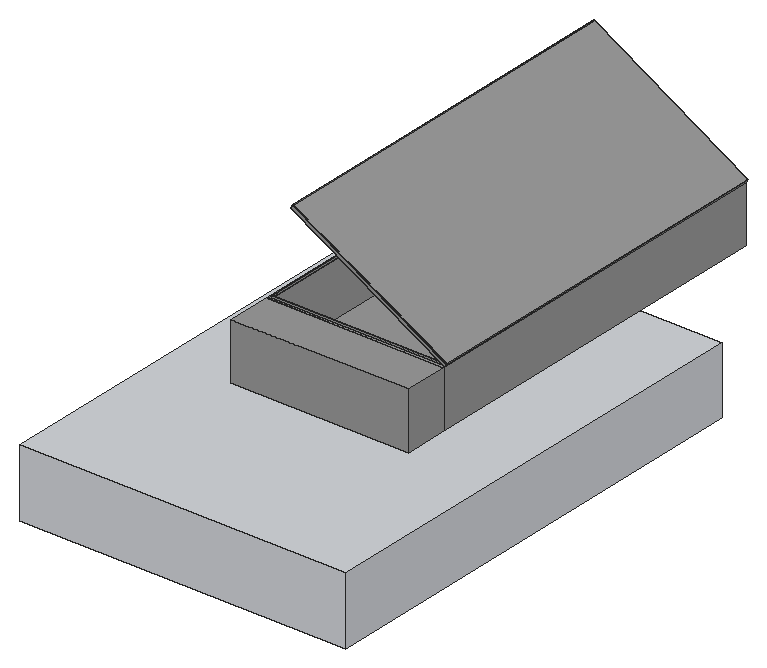
Revit family "Hager-Univers-IP55-D275-H1900-Cl.I-Steel_encl-NoHosted-AT-de", category Equipement électrique, Revit 2020
Family settings
  Hôte = Face
  Configuration du panneau = Deux colonnes, circuits au sein
  Cote de connecteur circulaire = Utiliser le diamètre
  Type d'élément = Tableau de raccordement
  Couper avec des vides une fois chargée = Non
  Partagée = Non
  Point de calcul de pièce = Non
Parameters (values of type "Bodenaufstellung IP55 B800 H1900 T275  - FR13E2")
  Width Control [instance] = if([EF000008 - Breite] > Min Width, [EF000008 - Breite], Min Width)  # 800 mm
  Commentaires du type = [HG000003 - Bereich]  # "Univers"
  Thickness Door [instance] = if([EF009171 - Materialstärke Tür/Deckel] > 3 mm, 3 mm, [EF009171 - Materialstärke Tür/Deckel])  # 1.5 mm
  Seal Frame Offset [instance] = 17 mm  # constant formula
  Plinth Visibility [instance] = [HG000027 - Sockelhöhe] > 0 mm  # yes
  Model = ""
  Min Width [instance] = 100 mm  # constant formula
  Min Height [instance] = 100 mm  # constant formula
  Min Depth [instance] = (2 * [EF009170 - Materialstärke Gehäuse]) + 1 mm  # 4 mm
  Internal Frame Depth [instance] = (Door System Depth * 0.5)  # 9 mm
  Height Control [instance] = if([EF000040 - Höhe] > Min Height, [EF000040 - Höhe], Min Height)  # 1900 mm
  HG000027 - Sockelhöhe = 200 mm
  HG000026 - Stehend auf dem Boden = yes
  HG000024 - Höhe des unteren Teils = 800 mm
  HG000023 - Gehäuse mit doppeltem Querschnitt = no
  HG000016 - 3D-Türsichtbarkeit [instance] = yes
  HG000015 - Sichtbarkeit der Türöffnung [instance] = no
  HG000014 - Tür rechts [instance] = yes
  HG000013 - Tür links [instance] = not([HG000014 - Tür rechts])  # no
  HG000012 - Türschwenkwinkel [instance] = 30.00°
  HG000010 - Asymmetrische Türen = no
  HG000009 - Doppelflügeligen Tür = no
  HG000006 - Unterputz = no
  HG000004 - Herstellerreferenz = "FR13E2"
  HG000003 - Bereich = "Univers"
  HG000002 - Mit tür = yes
  Frame Offset Bottom [instance] = 10 mm  # constant formula
  Frame Offset [instance] = 15 mm  # constant formula
  EF015940 - Deckel mit Überdruckentlastung = no
  EF011959 - Schutzart (NEMA) = ""
  EF009554 - Anzahl der Öffnungen für Flanschplatten = 6
  Fabricant = "Hager"  # constant formula
  EF009212 - Ausführung Deckel = "EV000116 - geschlossen"
  EF009171 - Materialstärke Tür/Deckel = 1.5 mm
  EF009170 - Materialstärke Gehäuse = 1.5 mm
  EF008873 - Nennstrom (In) = 800 A
  EF007800 - Geeignet für Blitzschutz = no
  EF006306 - Mit Schloss = no
  EF006244 - Transparenter Deckel/Tür = no
  EF005474 - Schutzart (IP) = "EV006420 - IP55"
  EF004464 - Art der Tür = "EV002646 - Einzel"
  EF004427 - Anzahl der Module = 396
  EF004293 - Schlagfestigkeit = "EV008784 - IK10"
  EF003532 - Geeignet für Außengebrauch = no
  EF002950 - Breite in Teilungseinheiten = 24
  EF001613 - Funktionserhalt = "EV000494 - ohne"
  EF001596 - Werkstoff des Gehäuses = "EV000179 - Stahl"
  EF001131 - Innentiefe = 275 mm
  EF001088 - Anbaumöglichkeit = yes
  EF000437 - Anzahl der Leitungseinführungen = 6
  EF000339 - Art der Abdeckung = "EV004216 - Tür"
  EF000266 - Anzahl der Reihen = 11
  EF000218 - Einbautiefe = 0 mm
  EF000118 - Mit Montageplatte = no
  EF000116 - RAL-Nummer = "7035"
  EF000049 - Tiefe = 275 mm
  EF000040 - Höhe = 1900 mm
  EF000008 - Breite = 800 mm
  EF000007 - Farbe = "EV000270 - grau"
  EF000003 - Montageart = "EV012274 - Bodenaufstellung"
  Door System Leaf Tolerance [instance] = 1.5 mm  # constant formula
  Door System Depth [instance] = 18 mm  # constant formula
  Door Height [instance] = Height Control - [HG000027 - Sockelhöhe]  # 1700 mm
  Depth Control [instance] = if([EF000049 - Tiefe] > Min Depth, [EF000049 - Tiefe], Min Depth)  # 275 mm
  Default Elevation = 0 mm
  Connector Offset [instance] = Height Control / 2  # 950 mm
  Bottom Top Plate Trim [instance] = 1.5 mm  # constant formula
  Plinth height Ctrl [instance] = if([HG000027 - Sockelhöhe] > 0 mm, [HG000027 - Sockelhöhe], 12 mm)  # 200 mm
Types (5, lengths in mm): name | Width Control | HG000010 - Asymmetrische Türen | HG000009 - Doppelflügeligen Tür | HG000004 - Herstellerreferenz | EF009554 - Anzahl der Öffnungen für Flanschplatten | EF004464 - Art der Tür | EF004427 - Anzahl der Module | EF000437 - Anzahl der Leitungseinführungen | EF000008 - Breite
  Bodenaufstellung IP55 B1050 H1900 T275  - FR14E2 | 1050 | yes | yes | "FR14E2" | 8 | "EV003602 - Doppel" | 528 | 8 | 1050
  Bodenaufstellung IP55 B1300 H1900 T275  - FR15E2 | 1300 | yes | yes | "FR15E2" | 10 | "EV003602 - Doppel" | 660 | 10 | 1300
  Bodenaufstellung IP55 B300 H1900 T275  - FR11E2 | 300 | no | no | "FR11E2" | 2 | "EV002646 - Einzel" | 132 | 2 | 300
  Bodenaufstellung IP55 B550 H1900 T275  - FR12E2 | 550 | no | no | "FR12E2" | 4 | "EV002646 - Einzel" | 264 | 4 | 550
  Bodenaufstellung IP55 B800 H1900 T275  - FR13E2 | 800 | no | no | "FR13E2" | 6 | "EV002646 - Einzel" | 396 | 6 | 800
Reference planes
  plane 1 "Center (Front/Back)": y = 0
  plane 2: z = 0
  plane 3 "Center (Left/Right)": x = 0
  plane 4: z = 275
  plane 5: y = 201.5
  plane 6: y = 1050
  plane 7: y = 200
  plane 8: y = 1900
  plane 9: z = 0
  plane 10: x = -385
  plane 11: x = 385
  plane 12: x = 383.5
  plane 13: x = -383.5
  plane 14: y = 1898.5
  plane 15: x = -383
  plane 16: x = -400
  plane 17: x = 383
  plane 18: x = 400
  plane 19: x = 398.5
  plane 20: x = -398.5
  plane 21: y = 211.5
  plane 22: y = 1900
  plane 23: y = 1883.5
  plane 24: z = 257
  plane 25: z = 1.5
  plane 26: z = 255.5
  plane 27: z = 273.5
Forms (mm)
  Extrusion 1, solid
    sketch origin (0, 0, 0) x (1, 0, 0) y (0, 1, 0)
      loop
        line (-702.964, 1305) -> (-702.964, -811.445) -> (766.763, -811.445) -> (766.763, 1305) -> (-702.964, 1305)
    from 0 to -304.8
  Extrusion 2, solid, material "Hager_Steel_RAL7035_Light_Grey", visible <- "Plinth Visibility", detail levels medium+fine
    sketch origin (0, 0, 0) x (1, 0, 0) y (0, 1, 0)
      loop
        line (-400, 0) -> (400, 0) -> (400, 200) -> (-400, 200) -> (-400, 0)
    from 0 to 257
  Extrusion 3, solid, material "Hager_Steel_RAL7035_Light_Grey", detail levels medium+fine
    sketch origin (0, 0, 0) x (1, 0, 0) y (0, 1, 0)
      loop
        line (-400, 200) -> (400, 200) -> (400, 1900) -> (-400, 1900) -> (-400, 200)
    from 0 to 257
  Extrusion 4, void
    sketch origin (0, 0, 0) x (1, 0, 0) y (0, 1, 0)
      loop
        line (-398.5, 201.5) -> (398.5, 201.5) -> (398.5, 1898.5) -> (-398.5, 1898.5) -> (-398.5, 201.5)
    from 1.5 to 255.5
  Extrusion 5, void
    sketch origin (-381.607, -4572, 257) x (0, -1, 0) y (-1, 0, 0)
      loop
        line (-4783.5, 1.893) -> (-6455.5, 1.893) -> (-6455.5, -765.107) -> (-4783.5, -765.107) -> (-4783.5, 1.893)
    from 0 to 1.5 <- "EF009170 - Materialstärke Gehäuse"
  Extrusion 6, solid, material "Hager_Steel_RAL7035_Light_Grey", detail levels fine
    sketch origin (0, 0, 257) x (1, 0, 0) y (0, 1, 0)
      loop
        line (-383.5, 1883.5) -> (-383.5, 211.5) -> (383.5, 211.5) -> (383.5, 1883.5) -> (-383.5, 1883.5)
      loop
        line (-385, 210) -> (385, 210) -> (385, 1885) -> (-385, 1885) -> (-385, 210)
    from 0 to 9 <- "Internal Frame Depth"
  Extrusion 7, solid, material "Hager_Steel_RAL7035_Light_Grey", detail levels coarse
    sketch origin (0, 0, 0) x (1, 0, 0) y (0, 1, 0)
      loop
        line (-400, 0) -> (400, 0) -> (400, 1900) -> (-400, 1900) -> (-400, 0)
    from 0 to 275
  Sweep 8, void
    path in 3D
      loop
        line (-400, 200, 0) -> (400, 200, 0) -> (400, 200, 257) -> (-400, 200, 257) -> (-400, 200, 0)
    profile origin (-400, 200, 128.5) x (-1, 0, 0) y (0, -1, 0)
      loop
        line (0, 0) -> (0, 1.5) -> (-1.5, 1.5)
        arc (-1.5, 1.5) -> (-1.061, 0.439) -> (0, 0) r 1.5
Cuts and joins
  Extrusion 4, Extrusion 5 cuts Extrusion 3
  Sweep 8 cuts Extrusion 2
Lines and regions (mm)
  Masking region 1
    outline origin (0, 0, 0) x (1, 0, 0) y (0, 0, 1)
      loop
        line (-400, 275) -> (-400, 0) -> (400, 0) -> (400, 275) -> (-400, 275)
  Masking region 2, detail levels medium+fine
    outline origin (0, 140, 0) x (0, 1, 0) y (0, 0, 1)
      loop
        line (60, 0) -> (1760, 0) -> (1760, 257) -> (60, 257) -> (60, 0)
  Masking region 3, not visible, detail levels medium+fine
    outline origin (0, 297.922, 0) x (0, 1, 0) y (0, 0, 1)
      loop
        line (763.578, 0) -> (803.578, 0) -> (803.578, 263.5)
        arc (803.578, 263.5) -> (800.649, 270.571) -> (793.578, 273.5) r 10
        line (793.578, 273.5) -> (763.578, 273.5) -> (763.578, 0)
  Masking region 4, detail levels coarse
    outline origin (0, 0, 180) x (0, 1, 0) y (0, 0, 1)
      loop
        line (0, -180) -> (1900, -180) -> (1900, 95) -> (0, 95) -> (0, -180)
  Masking region 5, visible <- "Plinth Visibility", detail levels medium+fine
    outline origin (0, 52.24, 12.345) x (0, 0, -1) y (0, 1, 0)
      loop
        line (10.845, 147.76) -> (-243.155, 147.76)
        arc (-243.155, 147.76) -> (-243.594, 146.699) -> (-244.655, 146.26) r 1.5
        line (-244.655, 146.26) -> (-244.655, -52.24) -> (12.345, -52.24) -> (12.345, 146.26)
        arc (12.345, 146.26) -> (11.285, 146.699) -> (10.845, 147.76) r 1.5
  Masking region 6, detail levels medium+fine
    outline origin (-381.607, -4572, 257) x (-1, 0, 0) y (0, -1, 0)
      loop
        line (18.393, -6472) -> (18.393, -4772) -> (-781.607, -4772) -> (-781.607, -6472) -> (18.393, -6472)
  Masking region 7, visible <- "Plinth Visibility", detail levels medium+fine
    outline origin (-381.607, -4727, 257) x (-1, 0, 0) y (0, -1, 0)
      loop
        arc (16.893, -4927) -> (17.332, -4925.939) -> (18.393, -4925.5) r 1.5
        line (18.393, -4925.5) -> (18.393, -4727) -> (-781.607, -4727) -> (-781.607, -4925.5)
        arc (-781.607, -4925.5) -> (-780.546, -4925.939) -> (-780.107, -4927) r 1.5
        line (-780.107, -4927) -> (16.893, -4927)
  Masking region 8, detail levels coarse
    outline origin (-442.548, -4669.526, 257) x (-1, 0, 0) y (0, -1, 0)
      loop
        line (-42.548, -6569.526) -> (-42.548, -4669.526) -> (-842.548, -4669.526) -> (-842.548, -6569.526) -> (-42.548, -6569.526)
  sketch lines
    curve 1: line (-400, 200, 257) -> (-400, 200, 0)
    curve 2: line (400, 200, 257) -> (-400, 200, 257)
    curve 3: line (400, 200, 257) -> (400, 200, 0)
    curve 4: line (-400, 200, 0) -> (400, 200, 0)
Dimensions and locks
  "Depth Control": plane 4 to Extrusion 1
  "HG000027 - Sockelhöhe": plane 1 "Center (Front/Back)" to plane 7
  "EF009170 - Materialstärke Gehäuse": plane 5 to plane 7
  locked: connector elem to plane 3 "Center (Left/Right)"
  equal spacing: plane 8, plane 6, plane 7
  locked: connector elem to plane 6
  "EF009170 - Materialstärke Gehäuse": plane 8 to plane 14
  "EF009170 - Materialstärke Gehäuse": plane 10 to plane 13
  "EF009170 - Materialstärke Gehäuse": plane 12 to plane 11
  "Frame Offset": plane 20 to plane 13
  "Frame Offset": plane 12 to plane 19
  "EF009170 - Materialstärke Gehäuse": plane 16 to plane 20
  "EF009170 - Materialstärke Gehäuse": plane 19 to plane 18
  "Seal Frame Offset": plane 16 to plane 15
  "Seal Frame Offset": plane 17 to plane 18
  "Frame Offset Bottom": plane 21 to plane 5
  "Frame Offset": plane 14 to plane 23
  equal spacing: plane 16, plane 3 "Center (Left/Right)", plane 18
  "Width Control": plane 16 to plane 18
  "EF009170 - Materialstärke Gehäuse": plane 4 to plane 27
  "EF009170 - Materialstärke Gehäuse": plane 24 to plane 26
  "EF009170 - Materialstärke Gehäuse": plane 25 to level
  "Door System Depth": plane 4 to plane 24
  "Height Control": plane 1 "Center (Front/Back)" to Extrusion 7 sketch curve
  "Height Control": Masking region 4 sketch curve to plane 1 "Center (Front/Back)"
  "Height Control": plane 1 "Center (Front/Back)" to plane 22
  "Bottom Top Plate Trim": profile plane to Sweep 8 sketch curve
  "Bottom Top Plate Trim": Sweep 8 sketch curve to profile plane
  "Plinth height Ctrl": plane 1 "Center (Front/Back)" to Extrusion 2 sketch curve
  "Plinth height Ctrl": Masking region 5 sketch curve to plane 1 "Center (Front/Back)"
  "Plinth height Ctrl": plane 1 "Center (Front/Back)" to Masking region 7 sketch curve
  "Thickness Door": Extrusion 6 sketch curve to Extrusion 6 sketch curve  (x3)
  "Thickness Door": cut or joined group of Extrusion 3, Extrusion 4, Extrusion 5 to Extrusion 6 sketch curve
  radius of Masking region 3 sketch curve = 10 mm
  "Bottom Top Plate Trim": radius of Masking region 5 sketch curve  (x2)
  "Bottom Top Plate Trim": radius of Sweep 8 sketch curve
  "Bottom Top Plate Trim": radius of Masking region 7 sketch curve  (x2)
  aligned and locked: plane 2 to Extrusion 1
  aligned and locked: level to Extrusion 1
  aligned and locked: level to Masking region 1 sketch curve
  aligned and locked: Masking region 1 sketch curve to plane 18
  aligned and locked: Masking region 1 sketch curve to plane 16
  aligned and locked: plane 7 to Masking region 2 sketch curve
  aligned and locked: level to Masking region 3 sketch curve
  aligned and locked: Masking region 3 sketch curve to plane 27
  aligned and locked: level to Masking region 2 sketch curve
  aligned and locked: plane 1 "Center (Front/Back)" to Extrusion 2 sketch curve
  aligned and locked: Extrusion 3 sketch curve to plane 7
  aligned and locked: plane 16 to Extrusion 3 sketch curve
  aligned and locked: plane 18 to Extrusion 3 sketch curve
  aligned and locked: plane 20 to Extrusion 4 sketch curve
  aligned and locked: plane 19 to Extrusion 4 sketch curve
  aligned and locked: Extrusion 4 sketch curve to plane 5
  aligned and locked: Extrusion 4 to plane 25
  aligned and locked: plane 26 to Extrusion 4
  aligned and locked: plane 24 to Extrusion 3
  aligned and locked: Extrusion 5 sketch curve to plane 21
  aligned and locked: Extrusion 5 sketch curve to plane 13
  aligned and locked: Extrusion 5 sketch curve to plane 12
  aligned and locked: plane 18 to Extrusion 7 sketch curve
  aligned and locked: plane 1 "Center (Front/Back)" to Extrusion 7 sketch curve
  aligned and locked: plane 16 to Extrusion 7 sketch curve
  aligned and locked: plane 4 to Extrusion 7
  aligned and locked: Extrusion 7 to level
  aligned and locked: level to Masking region 4 sketch curve
  aligned and locked: Masking region 4 sketch curve to plane 1 "Center (Front/Back)"
  aligned and locked: Masking region 4 sketch curve to plane 4
  aligned and locked: nested 1 to level
  aligned and locked: nested 1 to plane 16
  aligned and locked: plane 8 to Extrusion 3 sketch curve
  aligned and locked: plane 23 to Extrusion 5 sketch curve
  aligned and locked: plane 14 to Extrusion 4 sketch curve
  aligned and locked: Masking region 2 sketch curve to plane 8
  aligned and locked: level to Masking region 5 sketch curve
  aligned and locked: plane 16 to Extrusion 2 sketch curve
  aligned and locked: plane 18 to Extrusion 2 sketch curve
  aligned and locked: Masking region 5 sketch curve to plane 24
  aligned and locked: Masking region 2 sketch curve to plane 24
  aligned and locked: plane 24 to Extrusion 2
  aligned and locked: profile plane to Sweep 8 sketch curve  (x2)
  aligned and locked: Masking region 6 sketch curve to plane 18
  aligned and locked: Masking region 6 sketch curve to plane 22
  aligned and locked: Masking region 6 sketch curve to plane 16
  aligned and locked: plane 8 to plane 22
  aligned and locked: Masking region 6 sketch curve to plane 7
  aligned and locked: Masking region 7 sketch curve to plane 16
  aligned and locked: Masking region 7 sketch curve to plane 1 "Center (Front/Back)"
  aligned and locked: Masking region 7 sketch curve to plane 18
  aligned and locked: Masking region 8 sketch curve to plane 1 "Center (Front/Back)"
  aligned and locked: Masking region 8 sketch curve to plane 18
  aligned and locked: Masking region 8 sketch curve to plane 22
  aligned and locked: Masking region 8 sketch curve to plane 16
  aligned and locked: nested 2 to plane 7
  aligned and locked: plane 3 "Center (Left/Right)" to nested 2
  aligned and locked: nested 2 to plane 24
  aligned and locked: Extrusion 6 sketch curve to cut or joined group of Extrusion 3, Extrusion 4, Extrusion 5  (x4)
Automatic sketch dimensions
  Extrusion 1 sketch curve to Extrusion 1 sketch curve = 1469.727 mm
  Extrusion 1 sketch curve to Extrusion 1 sketch curve = 2116.445 mm
  Masking region 1 sketch curve to plane 4 = 0 mm
  plane 6 to Masking region 3 sketch curve = 11.5 mm
  Masking region 3 sketch curve to Masking region 3 sketch curve = 30 mm
  Masking region 5 sketch curve to plane 1 "Center (Front/Back)" = 0 mm
Nested families
  nested 1: "Hager_Enclosure_Symbol" at (-400, 0, 0) x (1, 0, 0) z (0, -1, 0), Height <- "Depth Control", Width <- "Width Control", type "Hager_Enclosure_Symbol"
    with Width_Ctrl 800 mm, Width 800 mm, Height_Ctrl 275 mm, Height 275 mm, A_Width_Int 18.047 mm, A_Width 216.562 mm, A_Height_Ctrl 240.625 mm, A_Height 240.625 mm
  nested 2: "EC000058_Univers_Door" at (0, 200, 257) x (1, 0, 0) z (0, 1, 0), Leaf_Tolerance <- "Door System Leaf Tolerance", Angle <- "HG000012 - Türschwenkwinkel", Door_Depth <- "Door System Depth", Door_Left <- "HG000013 - Tür links", Transparent <- "EF006244 - Transparenter Deckel/Tür", Assymetrical <- "HG000010 - Asymmetrische Türen", Width <- "Width Control", Clearance <- "HG000015 - Sichtbarkeit der Türöffnung", Double <- "HG000009 - Doppelflügeligen Tür", 3d_Door <- "HG000016 - 3D-Türsichtbarkeit", Lock_Visibility <- "EF006306 - Mit Schloss", Width_Ctrl <- "Width Control", Door_Right <- "HG000014 - Tür rechts", Door <- "HG000002 - Mit tür", Height <- "Door Height", Thickness <- "Thickness Door", type "EC000058_Univers_Door", detail levels medium+fine
    with min_wh 4 mm, Width_Ctrl 800 mm, Width 800 mm, Transparent no, Thickness 1.5 mm, Seal_Material Hager_Rubber, Lock_Visibility no, Lock_Material Hager_Plastic_RAL9005_Jet_Black, Leaf_Width 800 mm, Leaf_Tolerance_External_Sides 0 mm, Leaf_Tolerance 1.5 mm, Leaf_Offset 0 mm, Leaf_Height 1697 mm, Leaf_2_Width 800 mm, Leaf_2_Offset 400 mm, Leaf_1_Width 800 mm, Leaf_1_Offset 400 mm, Height_Ctrl 1700 mm, Height 1700 mm, Glass_Material Hager_Glass, Double_Clearance_Ctrl no, Double no, Door_Right_Ctrl yes, Door_Right yes, Door_Material Hager_Steel_RAL7035_Light_Grey, Door_Left_Ctrl no, Door_Left no, Door_Depth 18 mm, Door yes, Clearance_Material Hager_Clearance, Clearance_Depth 800 mm, Clearance_Ctrl no, Clearance no, Assymetrical no, Angle 30.00°, 3d_Door yes
Connectors
  electrical at (0, 1050, 0)
    settings: on plane 9, index 1, voltage 0 V, apparent load 0 VA, apparent load phase1 0 VA, apparent load phase2 0 VA, apparent load phase3 0 VA, power factor 1, load classification "Other", number of poles 1, system type 30, power factor state 1, is connector primary yes, connector utility no, sub classification motor no, connector description ""
Definition of nested family "EC000058_Univers_Door"
  Parameters (values of type "EC000058_Univers_Door")
    min_wh [instance] = (2 * Thickness) + 1 mm  # 11 mm
    Width_Ctrl [instance] = 400 mm
    Width [instance] = 500 mm
    Transparent [instance] = yes
    Thickness [instance] = 5 mm
    Seal_Material [instance] = none
    Lock_Visibility [instance] = yes
    Lock_Material [instance] = none
    Leaf_Width [instance] = if((Width_Ctrl - 2 * Leaf_Tolerance_External_Sides) > 0 mm, (Width_Ctrl - 2 * Leaf_Tolerance_External_Sides), min_wh)  # 400 mm
    Leaf_Tolerance_External_Sides [instance] = 0 mm  # constant formula
    Leaf_Tolerance [instance] = 1.5 mm
    Leaf_Offset [instance] = 0 mm  # constant formula
    Leaf_Height [instance] = if((Height_Ctrl - 2 * Leaf_Tolerance) > 0 mm, (Height_Ctrl - 2 * Leaf_Tolerance), min_wh)  # 497 mm
    Leaf_2_Width [instance] = if(and(and(Double, Assymetrical), Door_Left), (Leaf_Width / 3) - (Leaf_Tolerance / 2), if(and(and(Double, Assymetrical), Door_Right), (Leaf_Width / 3) * 2 - (Leaf_Tolerance / 2), if(and(Double, not(Assymetrical)), (Leaf_Width / 2) - Leaf_Tolerance, Leaf_Width)))  # 400 mm
    Leaf_2_Offset [instance] = if(and(Double, Assymetrical), Leaf_2_Width / 2, if(and(Double, not(Assymetrical)), Leaf_Width / 4, Leaf_Width / 2))  # 200 mm
    Leaf_1_Width [instance] = if(and(and(Double, Assymetrical), Door_Right), (Leaf_Width / 3) - (Leaf_Tolerance / 2), if(and(and(Double, Assymetrical), Door_Left), (Width / 3) * 2 - (Leaf_Tolerance / 2), if(and(Double, not(Assymetrical)), (Leaf_Width / 2) - Leaf_Tolerance, Leaf_Width)))  # 400 mm
    Leaf_1_Offset [instance] = if(and(Double, Assymetrical), Leaf_1_Width / 2, if(and(Double, not(Assymetrical)), Leaf_Width / 4, Leaf_Width / 2))  # 200 mm
    Height_Ctrl [instance] = if(Height > min_wh, Height, min_wh)  # 500 mm
    Height [instance] = 500 mm
    Glass_Material [instance] = none
    Double_Clearance_Ctrl [instance] = and(Double, Clearance)  # no
    Double [instance] = no
    Door_Right_Ctrl [instance] = and(or(Door_Right, Double), Door)  # yes
    Door_Right [instance] = yes
    Door_Material [instance] = none
    Door_Left_Ctrl [instance] = and(or(Door_Left, Double), Door)  # no
    Door_Left [instance] = no
    Door_Depth [instance] = 30 mm
    Door [instance] = yes
    Default Elevation = 1219.2 mm
    Clearance_Material [instance] = none
    Clearance_Depth [instance] = if(Leaf_1_Width > Leaf_2_Width, Leaf_1_Width, Leaf_2_Width)  # 400 mm
    Clearance_Ctrl [instance] = and(not(Double), Clearance)  # yes
    Clearance [instance] = yes
    Assymetrical [instance] = yes
    Angle [instance] = 30.00°
    3d_Door [instance] = yes
  Reference planes
    plane 1 "Center (Front/Back)": y = 0
    plane 2 "Bottom": z = 0
    plane 3 "Center (Left/Right)": x = 0
    plane 4: z = 500
    plane 5: x = -200
    plane 6: x = 200
    plane 7: z = 500
    plane 8: x = -200
    plane 9: z = 0
    plane 10: x = 200
    plane 11: y = 0
    plane 12: z = 1.5
    plane 13: x = -600
    plane 14: y = -400
    plane 15: x = 600
    plane 16: x = 0
    plane 17: x = 0
    plane 18: x = -200
    plane 19: x = 200
    plane 20: z = 498.5
  Forms (mm)
    Extrusion 1, solid, material <- "Clearance_Material", visible <- "Double_Clearance_Ctrl"
      sketch origin (1200, 0, 0) x (1, 0, 0) y (0, 0, -1)
        loop
          line (-1800, -498.5) -> (-600, -498.5) -> (-600, 0) -> (-1800, 0) -> (-1800, -498.5)
      from 0 to -400
  Dimensions and locks
    equal spacing: plane 5, plane 3 "Center (Left/Right)", plane 6
    "Width_Ctrl": plane 5 to plane 6
    "Leaf_Offset": plane 5 to plane 8
    "Leaf_Offset": plane 6 to plane 10
    "Leaf_Offset": plane 9 to level
    "Leaf_Offset": plane 4 to plane 7
    "Height_Ctrl": plane 4 to level
    "Leaf_Tolerance": plane 12 to plane 9
    locked: plane 11 to plane 1 "Center (Front/Back)"
    "Leaf_1_Offset": plane 18 to plane 16
    "Leaf_2_Offset": plane 17 to plane 19
    "Leaf_1_Width": plane 13 to plane 8
    "Leaf_2_Width": plane 10 to plane 15
    "Clearance_Depth": plane 14 to plane 1 "Center (Front/Back)"
    "Leaf_Tolerance_External_Sides": plane 8 to plane 18
    "Leaf_Tolerance_External_Sides": plane 19 to plane 10
    "Leaf_Tolerance": plane 7 to plane 20
    aligned and locked: level to plane 2 "Bottom"
    aligned and locked: nested 1 to plane 16
    aligned and locked: nested 2 to plane 17
    aligned and locked: Extrusion 1 to plane 13
    aligned and locked: plane 15 to Extrusion 1
    aligned and locked: Extrusion 1 to plane 14
    aligned and locked: plane 12 to nested 1
    aligned and locked: nested 2 to plane 12
    aligned and locked: Extrusion 1 to plane 11
    aligned and locked: plane 20 to Extrusion 1
    aligned and locked: nested 2 to plane 11
    aligned and locked: nested 1 to plane 11
  Automatic sketch dimensions
    Extrusion 1 sketch curve to level = 0 mm
    plane 5 to Extrusion 1 sketch curve = 400 mm
    plane 6 to Extrusion 1 sketch curve = 400 mm
    Extrusion 1 sketch curve to plane 4 = 1.5 mm
  Nested families
    nested 1: "EC000058_Univers_Door_Leaf" at (0, 0, 1.5), Width <- "Leaf_1_Width", visible <- "Door_Left_Ctrl", Leaf_Height <- "Leaf_Height", Angle <- "Angle", 3d_Door <- "3d_Door", Transparent <- "Transparent", Clearance Material <- "Clearance_Material", Clearance <- "Clearance_Ctrl", Door_Material <- "Door_Material", Glass_Material <- "Glass_Material", Door_Depth <- "Door_Depth", Lock_Material <- "Lock_Material", Seal_Material <- "Seal_Material", Lock_Visibility <- "Lock_Visibility", Thickness <- "Thickness", type "EC000058_Univers_Door_Leaf"
      with Width 400 mm, Transparent_Glass_Offset 30 mm, Transparent_Ctrl yes, Transparent yes, Thickness 5 mm, Standard no, Seal_Material none, Seal_D2 8 mm, Seal_D1 1 mm, Offset_Internal_Frame 10 mm, Lock_Width 20 mm, Lock_Visibility_3d yes, Lock_Visibility yes, Lock_Thickness_3 3 mm, Lock_Thickness_2 1 mm, Lock_Thickness_1 3 mm, Lock_Radius_Offset_2 16 mm, Lock_Radius_Offset_1 15 mm, Lock_Radius_2 5 mm, Lock_Radius 6 mm, Lock_Offset 5 mm, Lock_Material none, Lock_Height 80 mm, Lock_Cover_Top_Offset_2d 17 mm, Lock_Cover_Height -65 mm, Leaf_Height 497 mm, Internal_Seal_Thickness 8 mm, Internal_Seal_Depth_2 4.5 mm, Internal_Frame_Depth 25 mm, Glass_Thickness -1 mm, Glass_Offset -2 mm, Glass_Material none, Door_Material none, Door_Depth 30 mm, Clearance Material none, Clearance yes, Angle_Ctrl 30.00°, Angle 30.00°, 3d_Door yes
    nested 2: "EC000058_Univers_Door_Leaf" at (0, 0, 1.5) x (-1, 0, 0) z (0, 0, 1), Width <- "Leaf_2_Width", visible <- "Door_Right_Ctrl", Leaf_Height <- "Leaf_Height", Angle <- "Angle", 3d_Door <- "3d_Door", Transparent <- "Transparent", Clearance Material <- "Clearance_Material", Clearance <- "Clearance_Ctrl", Door_Material <- "Door_Material", Glass_Material <- "Glass_Material", Door_Depth <- "Door_Depth", Lock_Material <- "Lock_Material", Seal_Material <- "Seal_Material", Lock_Visibility <- "Lock_Visibility", Thickness <- "Thickness", type "EC000058_Univers_Door_Leaf"
      with Width 400 mm, Transparent_Glass_Offset 30 mm, Transparent_Ctrl yes, Transparent yes, Thickness 5 mm, Standard no, Seal_Material none, Seal_D2 8 mm, Seal_D1 1 mm, Offset_Internal_Frame 10 mm, Lock_Width 20 mm, Lock_Visibility_3d yes, Lock_Visibility yes, Lock_Thickness_3 3 mm, Lock_Thickness_2 1 mm, Lock_Thickness_1 3 mm, Lock_Radius_Offset_2 16 mm, Lock_Radius_Offset_1 15 mm, Lock_Radius_2 5 mm, Lock_Radius 6 mm, Lock_Offset 5 mm, Lock_Material none, Lock_Height 80 mm, Lock_Cover_Top_Offset_2d 17 mm, Lock_Cover_Height -65 mm, Leaf_Height 497 mm, Internal_Seal_Thickness 8 mm, Internal_Seal_Depth_2 4.5 mm, Internal_Frame_Depth 25 mm, Glass_Thickness -1 mm, Glass_Offset -2 mm, Glass_Material none, Door_Material none, Door_Depth 30 mm, Clearance Material none, Clearance yes, Angle_Ctrl 30.00°, Angle 30.00°, 3d_Door yes
  Definition of nested family "EC000058_Univers_Door_Leaf"
    Parameters (values of type "EC000058_Univers_Door_Leaf")
      Width [instance] = 2000 mm
      Transparent_Glass_Offset [instance] = 30 mm
      Transparent_Ctrl [instance] = and(Transparent, [3d_Door])  # yes
      Transparent [instance] = yes
      Thickness [instance] = 5 mm
      Standard [instance] = and(not(Transparent), [3d_Door])  # no
      Seal_Material [instance] = none
      Seal_D2 [instance] = 8 mm  # constant formula
      Seal_D1 [instance] = 1 mm  # constant formula
      Offset_Internal_Frame [instance] = 10 mm  # constant formula
      Lock_Width [instance] = 20 mm  # constant formula
      Lock_Visibility_3d [instance] = and(Lock_Visibility, [3d_Door])  # yes
      Lock_Visibility [instance] = yes
      Lock_Thickness_3 [instance] = 3 mm  # constant formula
      Lock_Thickness_2 [instance] = 1 mm  # constant formula
      Lock_Thickness_1 [instance] = 3 mm  # constant formula
      Lock_Radius_Offset_2 [instance] = Lock_Radius_Offset_1 + 1 mm  # 16 mm
      Lock_Radius_Offset_1 [instance] = 15 mm  # constant formula
      Lock_Radius_2 [instance] = Lock_Radius - 1 mm  # 5 mm
      Lock_Radius [instance] = 6 mm  # constant formula
      Lock_Offset [instance] = 5 mm  # constant formula
      Lock_Material [instance] = none
      Lock_Height [instance] = 80 mm  # constant formula
      Lock_Cover_Top_Offset_2d [instance] = Lock_Radius_Offset_2 + 1 mm  # 17 mm
      Lock_Cover_Height [instance] = -(Lock_Height - Lock_Radius_Offset_1)  # -65 mm
      Leaf_Height [instance] = 2720.336 mm
      Internal_Seal_Thickness [instance] = 8 mm  # constant formula
      Internal_Seal_Depth_2 [instance] = 4.5 mm  # constant formula
      Internal_Frame_Depth [instance] = if(Door_Depth - Thickness > 5 mm, Door_Depth - Thickness, 5 mm)  # 25 mm
      Glass_Thickness [instance] = if(Thickness > 15 mm, Glass_Offset + 10 mm, -1 mm)  # -1 mm
      Glass_Offset [instance] = if(Thickness > 15 mm, -(Thickness + 10 mm) / 2, -2 mm)  # -2 mm
      Glass_Material [instance] = none
      Door_Material [instance] = none
      Door_Depth [instance] = 30 mm
      Default Elevation = 0 mm
      Clearance Material [instance] = none
      Clearance [instance] = yes
      Angle_Ctrl [instance] = if(Angle > 180.00°, 180.00°, Angle)  # 90.00°
      Angle [instance] = 90.00°
      3d_Door [instance] = yes
    Reference planes
      plane 1 "Center (Front/Back)": y = 0
      plane 2: z = 0
      plane 3 "Center (Left/Right)": x = 0
      plane 4: y = 2000
      plane 5: x = -1000
      plane 6: x = 1000
      plane 7: x = -3000
      plane 8: z = 2720.336
      plane 9: z = 30
      plane 10: z = 2690.336
      plane 11: x = 970
      plane 12: x = -970
      plane 13: y = -3
      plane 14: z = 107.833
      plane 15: y = -5
      plane 16: y = -223.314
      plane 17: x = -1000
      plane 18: z = 1360.168
      plane 19: y = 30
    Forms (mm)
      Extrusion 1, solid, material <- "Clearance Material", visible <- "Clearance"
        sketch origin (0, 0, 0) x (1, 0, 0) y (0, 0, 1)
          loop
            line (-3000, 2720.336) -> (-3000, 0) -> (1000, 0) -> (1000, 2720.336) -> (-3000, 2720.336)
        from 0 to -2000
      Extrusion 2, solid, material <- "Door_Material", visible <- "Standard", detail levels medium+fine
        sketch origin (-1000, 0, 0) x (0, 1, 0) y (-1, 0, 0)
          loop
            line (0, 30) -> (0, 25) -> (2000, 25) -> (2000, 30) -> (0, 30)
        from 0 to 2720.336 <- "Leaf_Height"
      Extrusion 3, solid, material <- "Door_Material", visible <- "Transparent_Ctrl", detail levels medium+fine
        sketch origin (-1000, 0, 0) x (0, 1, 0) y (-1, 0, 0)
          loop
            line (0, 25) -> (2000, 25) -> (2000, 30) -> (0, 30) -> (0, 25)
        from 0 to 2720.336 <- "Leaf_Height"
      Extrusion 4, void
        sketch origin (-1025, 2000, 0) x (0, 1, 0) y (0, 0, -1)
          loop
            line (-30, -2690.336) -> (-30, -30) -> (-1970, -30) -> (-1970, -2690.336) -> (-30, -2690.336)
        from 0 to 5 <- "Thickness"
      Sweep 5, solid, material <- "Seal_Material", visible <- "Transparent_Ctrl", detail levels fine
        path in 3D
          loop
            line (-1025, 30, 30) -> (-1025, 30, 2690.336) -> (-1025, 1970, 2690.336) -> (-1025, 1970, 30) -> (-1025, 30, 30)
        profile origin (-1025, 1000, 30) x (1, 0, 0) y (0, 0, 1)
          loop
            line (0, 0) -> (0, -8) -> (1, -8) -> (1, 0) -> (0, 0)
      Extrusion 6, solid, material <- "Glass_Material", visible <- "Transparent_Ctrl", detail levels medium+fine
        sketch origin (-1030, 0, 0) x (0, 1, 0) y (0, 0, -1)
          loop
            line (1970, -2690.336) -> (1970, -30) -> (30, -30) -> (30, -2690.336) -> (1970, -2690.336)
        from -2 <- "Glass_Offset" to -1 <- "Glass_Thickness"
      Extrusion 7, solid, material <- "Door_Material", visible <- "3d_Door", detail levels medium+fine
        sketch origin (-1025, 2000, 0) x (0, -1, 0) y (0, 0, -1)
          loop
            line (0, -2720.336) -> (2000, -2720.336) -> (2000, 0) -> (0, 0) -> (0, -2720.336)
          loop
            line (1995, -5) -> (5, -5) -> (5, -2715.336) -> (1995, -2715.336) -> (1995, -5)
        from 0 to 25 <- "Internal_Frame_Depth"
      Sweep 8, solid, material <- "Seal_Material", visible <- "Transparent_Ctrl", detail levels fine
        path in 3D
          loop
            line (-1025, 0, 0) -> (-1025, 2000, 0) -> (-1025, 2000, 2720.336) -> (-1025, 0, 2720.336) -> (-1025, 0, 0)
        profile origin (-1025, 0, 1360.168) x (1, 0, 0) y (0, 1, 0)
          loop
            line (0, 10) -> (2.975, 10)
            arc (2.975, 10) -> (4.053, 10.447) -> (4.5, 11.525) r 1.525
            line (4.5, 11.525) -> (4.5, 16.527)
            arc (4.5, 16.527) -> (4.069, 17.569) -> (3.027, 18) r 1.473
            line (3.027, 18) -> (0, 18) -> (0, 10)
      Extrusion 9, solid, material <- "Lock_Material", visible <- "Lock_Visibility_3d", detail levels fine
        sketch origin (-1030, 0, 0) x (0, 1, 0) y (0, 0, -1)
          loop
            arc (1993.5, -1400.168) -> (1994.561, -1399.729) -> (1995, -1398.668) r 1.5
            line (1995, -1398.668) -> (1995, -1320.168) -> (1975, -1320.168) -> (1975, -1398.668)
            arc (1975, -1398.668) -> (1975.439, -1399.729) -> (1976.5, -1400.168) r 1.5
            line (1976.5, -1400.168) -> (1993.5, -1400.168)
        from 3 <- "Lock_Thickness_1" to 0
      Blend 10, solid, material <- "Lock_Material", visible <- "Lock_Visibility_3d", detail levels fine
        base sketch origin (-1033, 0, 0) x (0, 1, 0) y (0, 0, -1)
          loop
            line (1975, -1320.168) -> (1975, -1398.668)
            arc (1975, -1398.668) -> (1975.439, -1399.729) -> (1976.5, -1400.168) r 1.5
            line (1976.5, -1400.168) -> (1993.5, -1400.168)
            arc (1993.5, -1400.168) -> (1994.561, -1399.729) -> (1995, -1398.668) r 1.5
            line (1995, -1398.668) -> (1995, -1320.168) -> (1975, -1320.168)
        top sketch origin (-1033, 0, 0) x (0, 1, 0) y (0, 0, -1)
          loop
            line (1976, -1320.168) -> (1976, -1398.668)
            arc (1976, -1398.668) -> (1976.146, -1399.022) -> (1976.5, -1399.168) r 0.5
            line (1976.5, -1399.168) -> (1993.5, -1399.168)
            arc (1993.5, -1399.168) -> (1993.854, -1399.022) -> (1994, -1398.668) r 0.5
            line (1994, -1398.668) -> (1994, -1320.168) -> (1976, -1320.168)
        from 0 to 1 <- "Lock_Thickness_2"
      Blend 11, solid, material <- "Lock_Material", visible <- "Lock_Visibility_3d", detail levels fine
        base sketch origin (-1034, 0, 0) x (0, 1, 0) y (0, 0, -1)
          loop
            line (1978, -1320.168) -> (1978, -1384.168)
            arc (1978, -1384.168) -> (1985, -1391.168) -> (1992, -1384.168) r 7
            line (1992, -1384.168) -> (1992, -1320.168) -> (1978, -1320.168)
        top sketch origin (-1034, 0, 0) x (0, 1, 0) y (0, 0, -1)
          loop
            line (1991, -1320.168) -> (1979, -1320.168) -> (1979, -1383.168)
            arc (1979, -1383.168) -> (1985, -1389.168) -> (1991, -1383.168) r 6
            line (1991, -1383.168) -> (1991, -1320.168)
        from 0 to 3 <- "Lock_Thickness_3"
      Extrusion 12, solid, material <- "Lock_Material", visible <- "Lock_Visibility_3d", detail levels fine
        sketch origin (-1030, 1975, 1320.168) x (1, 0, 0) y (0, -1, 0)
          loop
            line (-7, -19) -> (-7, -1) -> (0, -1) -> (0, 0) -> (-8, 0) -> (-8, -20) -> (0, -20) -> (0, -19) -> (-7, -19)
        from 0 to -65 <- "Lock_Cover_Height"
      Extrusion 13, void
        sketch origin (-1038, 1995, 1320.168) x (-1, 0, 0) y (0, 0, -1)
          loop
            line (-5, -65) -> (0, -65) -> (-5, -60) -> (-5, -65)
        from 0 to 20 <- "Lock_Width"
      Extrusion 14, void
        sketch origin (-1038, 1975, 1320.168) x (0, -1, 0) y (0, 0, -1)
          loop
            circle (-10, -15.995) r 6
          loop
            circle (-10, -15.995) r 5
        from 0 to 2
      Extrusion 15, solid, material <- "Lock_Material", visible <- "Lock_Visibility_3d", detail levels medium
        sketch origin (-1030, 0, 0) x (0, 1, 0) y (0, 0, -1)
          loop
            arc (1993.5, -1400.168) -> (1994.561, -1399.729) -> (1995, -1398.668) r 1.5
            line (1995, -1398.668) -> (1995, -1320.168) -> (1975, -1320.168) -> (1975, -1398.668)
            arc (1975, -1398.668) -> (1975.439, -1399.729) -> (1976.5, -1400.168) r 1.5
            line (1976.5, -1400.168) -> (1993.5, -1400.168)
        from 8 to 0
    Cuts and joins
      Extrusion 4 cuts Extrusion 3
      Extrusion 13, Extrusion 14 cuts Extrusion 9
      Extrusion 14 cuts Blend 11
      Extrusion 13, Extrusion 14 cuts Extrusion 12
      joined: Extrusion 9, Blend 10, Blend 11, Extrusion 12
      Extrusion 14 cuts Extrusion 15
    Lines and regions (mm)
      Masking region 1, visible <- "Lock_Visibility", detail levels fine
        outline origin (0, 0, 0) x (0, 1, 0) y (0, 0, 1)
          loop
            line (30, 1320.168) -> (33, 1320.168) -> (33, 1400.168) -> (30, 1400.168) -> (30, 1320.168)
      Masking region 2, visible <- "Lock_Visibility", detail levels fine
        outline origin (0, 3.143, 0) x (0, 1, 0) y (0, 0, 1)
          loop
            line (29.857, 1354.168) -> (30.857, 1354.168) -> (30.857, 1366.168) -> (29.857, 1366.168) -> (29.857, 1354.168)
      Masking region 3, detail levels medium+fine
        outline origin (0, 0, 0) x (0, 1, 0) y (0, 0, 1)
          loop
            line (0, 0) -> (30, 0) -> (30, 2720.336) -> (0, 2720.336) -> (0, 0)
      Masking region 4, detail levels medium+fine
        outline origin (0, 0, 0) x (1, 0, 0) y (0, 0, 1)
          loop
            line (-1000, 2720.336) -> (-1000, 0) -> (1000, 0) -> (1000, 2720.336) -> (-1000, 2720.336)
      Masking region 5, visible <- "Lock_Visibility", detail levels fine
        outline origin (-47.116, 0, 0) x (1, 0, 0) y (0, 0, 1)
          loop
            arc (1024.616, 1399.168) -> (1023.556, 1398.729) -> (1023.116, 1397.668) r 1.5
            line (1023.116, 1397.668) -> (1023.116, 1320.168) -> (1041.116, 1320.168) -> (1041.116, 1397.668)
            arc (1041.116, 1397.668) -> (1040.677, 1398.729) -> (1039.616, 1399.168) r 1.5
            line (1039.616, 1399.168) -> (1024.616, 1399.168)
      Masking region 6, visible <- "Lock_Visibility", detail levels medium+fine
        outline origin (-25, 0, 0) x (1, 0, 0) y (0, 0, 1)
          loop
            arc (1001.5, 1400.168) -> (1000.439, 1399.729) -> (1000, 1398.668) r 1.5
            line (1000, 1398.668) -> (1000, 1320.168) -> (1020, 1320.168) -> (1020, 1398.668)
            arc (1020, 1398.668) -> (1019.561, 1399.729) -> (1018.5, 1400.168) r 1.5
            line (1018.5, 1400.168) -> (1001.5, 1400.168)
      Masking region 7, visible <- "Lock_Visibility", detail levels fine
        outline origin (-73.735, 0, 0) x (1, 0, 0) y (0, 0, 1)
          loop
            line (1051.735, 1382.168) -> (1065.735, 1382.168) -> (1065.735, 1384.168)
            arc (1065.735, 1384.168) -> (1058.735, 1391.168) -> (1051.735, 1384.168) r 7
            line (1051.735, 1384.168) -> (1051.735, 1382.168)
      Masking region 8, visible <- "Lock_Visibility", detail levels fine
        outline origin (-73.735, 0, 0) x (1, 0, 0) y (0, 0, 1)
          loop
            line (1052.735, 1382.168) -> (1064.735, 1382.168) -> (1064.735, 1383.168)
            arc (1064.735, 1383.168) -> (1058.735, 1389.168) -> (1052.735, 1383.168) r 6
            line (1052.735, 1383.168) -> (1052.735, 1382.168)
      Masking region 9, visible <- "Lock_Visibility", detail levels fine
        outline origin (-25, 0, 0) x (1, 0, 0) y (0, 0, 1)
          loop
            line (1020, 1320.168) -> (1020, 1382.168) -> (1000, 1382.168) -> (1000, 1320.168) -> (1020, 1320.168)
      Masking region 10, detail levels medium+fine
        outline origin (0, 0, 0) x (1, 0, 0) y (0, 0, 1)
          loop
            circle (985, 1335.144) r 6
      Masking region 11, detail levels fine
        outline origin (0, 0, 0) x (1, 0, 0) y (0, 0, 1)
          loop
            circle (985, 1335.144) r 5
      Masking region 12, visible <- "Lock_Visibility", detail levels fine
        outline origin (0, 12.767, 0) x (0, 1, 0) y (0, 0, 1)
          loop
            line (20.233, 1320.168) -> (21.233, 1320.168) -> (21.233, 1399.168) -> (20.233, 1400.168) -> (20.233, 1320.168)
      Masking region 13, visible <- "Lock_Visibility", detail levels fine
        outline origin (0, 13.767, -10) x (0, 1, 0) y (0, 0, 1)
          loop
            line (20.233, 1330.168) -> (23.233, 1330.168) -> (23.233, 1399.168) -> (20.233, 1402.168) -> (20.233, 1330.168)
      Masking region 14, visible <- "Lock_Visibility", detail levels fine
        outline origin (0, 12.767, -10) x (0, 1, 0) y (0, 0, 1)
          loop
            line (20.233, 1330.168) -> (25.233, 1330.168) -> (25.233, 1399.305) -> (20.233, 1394.305) -> (20.233, 1330.168)
      Masking region 15, visible <- "Lock_Visibility", detail levels medium
        outline origin (0, 0, 0) x (0, 1, 0) y (0, 0, 1)
          loop
            line (30, 1320.168) -> (38, 1320.168) -> (38, 1400.168) -> (30, 1400.168) -> (30, 1320.168)
      Masking region 16, visible <- "Lock_Visibility", detail levels fine
        outline origin (-1000, 0, 0) x (0, 1, 0) y (-1, 0, 0)
          loop
            line (1975, 30) -> (1995, 30) -> (1995, 38) -> (1975, 38) -> (1975, 30)
          loop
            line (1979, 37) -> (1976, 37) -> (1976, 34) -> (1978, 34) -> (1979, 37)
          loop
            line (1994, 37) -> (1991, 37) -> (1992, 34) -> (1994, 34) -> (1994, 37)
      Masking region 17, visible <- "Lock_Visibility", detail levels medium
        outline origin (-1000, 0, 0) x (0, 1, 0) y (-1, 0, 0)
          loop
            line (1975, 30) -> (1995, 30) -> (1995, 38) -> (1975, 38) -> (1975, 30)
      symbolic lines
        curve 1: line (1000, 0, 0) -> (-3000, 0, 0)
        curve 2: arc (1000, 0, 0) -> (-1000, 2000, 0) -> (-3000, 0, 0) r 2000
        curve 4: line (-1030, 0, 0) -> (-1030, 2000, 0)
      reference lines
        curve 3: line (-1000, 0, 0) -> (-1000, 2000, 0)
      symbolic lines, detail levels medium+fine
        curve 5: line (-1030, 2000, 0) -> (-1025, 2000, 0)
        curve 7: line (-1025, 0, 0) -> (-1030, 0, 0)
        curve 8: line (-1025, 0, 0) -> (-1000, 0, 0)
        curve 9: line (-1000, 0, 0) -> (-1000, 2000, 0)
        curve 10: line (-1000, 2000, 0) -> (-1025, 2000, 0)
      symbolic lines, detail levels fine
        curve 6: line (-1025, 2000, 0) -> (-1025, 0, 0)
      sketch lines
        curve 11: line (-1025, 0, 2720.336) -> (-1025, 0, 0)
        curve 12: line (-1025, 2000, 0) -> (-1025, 0, 0)
        curve 13: line (-1025, 2000, 2720.336) -> (-1025, 2000, 0)
        curve 14: line (-1025, 0, 2720.336) -> (-1025, 2000, 2720.336)
        curve 15: line (-1025, 1970, 30) -> (-1025, 30, 30)
        curve 16: line (-1025, 30, 30) -> (-1025, 30, 2690.336)
        curve 17: line (-1025, 1970, 2690.336) -> (-1025, 1970, 30)
        curve 18: line (-1025, 30, 2690.336) -> (-1025, 1970, 2690.336)
      symbolic lines, visible <- "Transparent", detail levels medium+fine
        curve 19: line (-970, 0, 2690.336) -> (970, 0, 2690.336)
        curve 20: line (-970, 0, 30) -> (-970, 0, 2690.336)
        curve 21: line (970, 0, 30) -> (-970, 0, 30)
        curve 22: line (970, 0, 2690.336) -> (970, 0, 30)
    Dimensions and locks
      "Width": plane 1 "Center (Front/Back)" to plane 4
      equal spacing: plane 5, plane 3 "Center (Left/Right)", plane 6
      "Width": plane 5 to plane 6
      "Width": plane 7 to plane 5
      "Leaf_Height": plane 8 to level
      "Width": curve 5 to curve 3
      "Width": curve 3 to curve 3
      plane 8 to plane 10 = 30 mm
      plane 9 to level = 30 mm
      plane 12 to plane 5 = 30 mm
      plane 6 to plane 11 = 30 mm
      Extrusion 1 to Extrusion 4 sketch curve = 30 mm
      "Transparent_Glass_Offset": curve 3 to Extrusion 4 sketch curve
      "Transparent_Glass_Offset": Extrusion 4 sketch curve to cut or joined group of Extrusion 3, Extrusion 4  (x2)
      cut or joined group of Extrusion 3, Extrusion 4 to Extrusion 6 sketch curve = 30 mm
      "Transparent_Glass_Offset": cut or joined group of Extrusion 3, Extrusion 4 to Extrusion 4 sketch curve
      "Thickness": curve 6 to curve 4
      "Thickness": Extrusion 7 sketch curve to Extrusion 7 sketch curve  (x4)
      "Door_Depth": curve 4 to curve 3
      "Offset_Internal_Frame": profile plane to Sweep 8 sketch curve
      "Internal_Seal_Thickness": Sweep 8 sketch curve to Sweep 8 sketch curve
      "Internal_Seal_Depth_2": profile plane to Sweep 8 sketch curve
      "Seal_D1": profile plane to Sweep 5 sketch curve
      "Seal_D2": profile plane to Sweep 5 sketch curve
      "Thickness": Extrusion 2 sketch curve to Extrusion 2 sketch curve
      equal spacing: Extrusion 9 sketch curve, plane 18, Extrusion 9 sketch curve  (x2)
      equal spacing: Masking region 1 sketch curve, plane 18, Masking region 1 sketch curve
      "Lock_Height": Masking region 1 sketch curve to Masking region 1 sketch curve
      "Lock_Radius": Masking region 2 sketch curve to plane 18 to Masking region 2 sketch curve
      Masking region 2 sketch curve to Masking region 1 = 1 mm
      "Door_Depth": plane 19 to plane 1 "Center (Front/Back)"
      "Lock_Thickness_1": Masking region 1 sketch curve to plane 19
      "Lock_Width": Extrusion 9 sketch curve to Extrusion 9 sketch curve
      "Lock_Height": Extrusion 9 sketch curve to Extrusion 9 sketch curve
      "Lock_Offset": cut or joined group of Extrusion 3, Extrusion 4 to Extrusion 9 sketch curve
      equal spacing: plane 8, plane 18, level
      "Lock_Radius_Offset_1": Blend 11 sketch curve to Blend 10
      locked: Blend 10 to Blend 11 sketch curve at 2  (x2)
      locked: var sketch to Blend 11 sketch curve at 1  (x2)
      "Lock_Radius_Offset_2": Blend 11 sketch curve to Blend 10
      locked: Extrusion 12 sketch curve to Extrusion 12 sketch curve at 1  (x3)
      Masking region 6 sketch curve to Masking region 6 sketch curve = 80 mm
      "Lock_Height": Masking region 6 sketch curve to Masking region 6 sketch curve
      "Lock_Width": Masking region 6 sketch curve to Masking region 6 sketch curve
      locked: Masking region 6 to Masking region 5 sketch curve at 1  (x3)
      locked: Masking region 5 to Masking region 7 sketch curve at 2  (x2)
      "Lock_Radius_Offset_1": Masking region 5 to Masking region 7 sketch curve
      "Lock_Radius_Offset_2": Masking region 5 to Masking region 8 sketch curve
      locked: Masking region 7 to Masking region 8 sketch curve at 1  (x2)
      "Lock_Cover_Top_Offset_2d": Masking region 5 to Masking region 9 sketch curve
      equal spacing: Masking region 9, Masking region 10 sketch curve, Masking region 9
      equal spacing: Masking region 9, Masking region 11 sketch curve, Masking region 9
      Extrusion 15 sketch curve to Extrusion 15 sketch curve = 80 mm
      "Lock_Width": Extrusion 15 sketch curve to Extrusion 15 sketch curve
      "Lock_Height": Extrusion 15 sketch curve to Extrusion 15 sketch curve
      equal spacing: Extrusion 15 sketch curve, plane 18, Extrusion 15 sketch curve
      "Lock_Thickness_3": Masking region 13 sketch curve to Masking region 13 sketch curve
      "Lock_Height": Masking region 12 sketch curve to Masking region 12 sketch curve
      locked: Masking region 13 sketch curve to Masking region 1 at 8
      locked: Masking region 14 sketch curve to Masking region 13 at 1
      locked: Masking region 14 sketch curve to Masking region 1 at 10.863
      "Lock_Height": Masking region 15 sketch curve to Masking region 15 sketch curve
      "Lock_Offset": Extrusion 15 sketch curve to cut or joined group of Extrusion 3, Extrusion 4
      "Lock_Offset": plane 6 to Masking region 6 sketch curve
      radius of Sweep 8 sketch curve = 1.525 mm
      radius of Sweep 8 sketch curve = 1.473 mm
      radius of Extrusion 9 sketch curve = 1.5 mm  (x2)
      "Lock_Radius": radius of Extrusion 14 sketch curve
      "Lock_Radius_2": radius of Extrusion 14 sketch curve
      "Lock_Radius": radius of Masking region 10 sketch curve
      "Lock_Radius_2": radius of Masking region 11 sketch curve
      radius of Extrusion 15 sketch curve = 1.5 mm  (x2)
      "Angle_Ctrl": angle plane 1 "Center (Front/Back)" to curve 3
      locked: Masking region 12 sketch curve to Masking region 12 sketch curve (angle 45.00°)
      locked: Masking region 13 sketch curve to Masking region 13 sketch curve (angle 45.00°)
      locked: Masking region 14 sketch curve to Masking region 14 sketch curve (angle 45.00°)
      aligned and locked: level to plane 2
      aligned and locked: Extrusion 1 to curve 1
      aligned and locked: plane 6 to Extrusion 1
      aligned and locked: Extrusion 1 to plane 1 "Center (Front/Back)"
      aligned and locked: plane 4 to Extrusion 1
      aligned and locked: plane 8 to Extrusion 1
      aligned and locked: curve 7 to Extrusion 2 sketch curve
      aligned and locked: curve 5 to Extrusion 2 sketch curve
      aligned and locked: curve 7 to Extrusion 3 sketch curve
      aligned and locked: Extrusion 3 sketch curve to curve 4
      aligned and locked: Extrusion 3 sketch curve to curve 6
      aligned and locked: Extrusion 3 sketch curve to curve 5
      aligned and locked: curve 9 to curve 3
      aligned and locked: Extrusion 7 sketch curve to cut or joined group of Extrusion 3, Extrusion 4  (x4)
      aligned and locked: plane 17 to curve 3
      aligned and locked: plane 1 "Center (Front/Back)" to curve 3
      aligned and locked: plane 17 to plane 5
      aligned and locked: Sweep 8 sketch curve to profile plane
      aligned and locked: Sweep 5 sketch curve to profile plane  (x2)
      aligned and locked: Masking region 1 to Masking region 2 sketch curve
      aligned and locked: plane 19 to Masking region 1 sketch curve
      aligned and locked: plane 1 "Center (Front/Back)" to Masking region 3 sketch curve
      aligned and locked: plane 19 to Masking region 3 sketch curve
      aligned and locked: level to Masking region 3 sketch curve
      aligned and locked: Masking region 3 sketch curve to plane 8
      aligned and locked: plane 17 to Masking region 4 sketch curve
      aligned and locked: level to Masking region 4 sketch curve
      aligned and locked: Masking region 4 sketch curve to plane 8
      aligned and locked: plane 12 to curve 20
      aligned and locked: plane 10 to curve 19
      aligned and locked: plane 11 to curve 22
      aligned and locked: curve 21 to plane 9
      aligned and locked: Extrusion 2 sketch curve to cut or joined group of Extrusion 3, Extrusion 4
      aligned and locked: Blend 10 sketch curve to Extrusion 9  (x4)
      aligned and locked: Extrusion 9 to Blend 10 sketch curve
      aligned and locked: Blend 10 to Blend 11 sketch curve
      aligned and locked: Extrusion 12 sketch curve to Blend 11
      aligned and locked: Extrusion 12 sketch curve to Extrusion 9  (x4)
      aligned and locked: Masking region 5 sketch curve to Masking region 6
      aligned and locked: Masking region 9 sketch curve to Masking region 6  (x3)
      aligned and locked: Masking region 12 sketch curve to Masking region 1
      aligned and locked: Masking region 13 sketch curve to Masking region 1
      aligned and locked: Masking region 12 to Masking region 14
      aligned and locked: Masking region 14 sketch curve to Masking region 1
      aligned and locked: Masking region 15 sketch curve to Masking region 14
      aligned and locked: Masking region 13 sketch curve to Masking region 12
      aligned and locked: Masking region 16 sketch curve to cut or joined group of Extrusion 14, Extrusion 15  (x4)
      aligned and locked: Masking region 16 sketch curve to cut or joined group of Extrusion 9, Blend 10, Blend 11, Extrusion 12, Extrusion 13, Extrusion 14  (x6)
      aligned and locked: cut or joined group of Extrusion 9, Blend 10, Blend 11, Extrusion 12, Extrusion 13, Extrusion 14 to Masking region 16 sketch curve
      aligned and locked: Masking region 17 sketch curve to cut or joined group of Extrusion 14, Extrusion 15  (x3)
      aligned and locked: Masking region 17 sketch curve to cut or joined group of Extrusion 9, Blend 10, Blend 11, Extrusion 12, Extrusion 13, Extrusion 14
      aligned and locked: Masking region 9 to Masking region 8 sketch curve
      aligned and locked: Masking region 9 to Masking region 7 sketch curve
    Automatic sketch dimensions
      plane 1 "Center (Front/Back)" to curve 2 = 0 mm
      curve 2 to plane 5 = 0 mm
      Extrusion 1 sketch curve to level = 0 mm
      Extrusion 1 sketch curve to plane 7 = 0 mm
      Extrusion 1 sketch curve to plane 6 = 0 mm
      Extrusion 1 sketch curve to plane 8 = 0 mm
      Extrusion 3 to Extrusion 6 sketch curve = 30 mm  (x4)
      Masking region 4 sketch curve to plane 6 = 0 mm
      Blend 10 sketch curve to Extrusion 9 = 1.5 mm
      Blend 10 sketch curve to Extrusion 9 = 1 mm
      Extrusion 13 sketch curve to Extrusion 12 = 0 mm  (x2)
      Extrusion 12 to Extrusion 13 sketch curve = 3 mm
      Extrusion 13 sketch curve to Extrusion 12 = 5 mm
      Extrusion 14 sketch curve to Extrusion 14 sketch curve = 0 mm  (x2)
      Extrusion 14 sketch curve to Extrusion 12 = 10 mm
      Extrusion 14 sketch curve to Extrusion 12 = 15.995 mm
      Masking region 5 sketch curve to Masking region 5 sketch curve = 1.5 mm  (x2)
      Masking region 10 sketch curve to plane 18 = 25.024 mm
      Masking region 11 sketch curve to plane 18 = 25.024 mm
      plane 19 to Masking region 14 sketch curve = 3 mm
      Masking region 16 sketch curve to Masking region 16 sketch curve = 3 mm
      curve 4 to curve 3 = 0 mm
      Blend 10 to Blend 11 sketch curve = 0 mm
      Masking region 6 sketch curve to Masking region 6 sketch curve = 1.5 mm  (x2)
      Masking region 6 sketch curve to plane 18 = 40 mm
      plane 19 to Masking region 12 sketch curve = 3 mm
      Masking region 12 sketch curve to Masking region 12 sketch curve = 1 mm
      Masking region 15 sketch curve to plane 19 = 0 mm
      Masking region 15 sketch curve to plane 18 = 40 mm
      radius of Blend 10 sketch curve to Extrusion 9 = 1 mm
Definition of nested family "Hager_Enclosure_Symbol"
  Parameters (values of type "Hager_Enclosure_Symbol")
    Width_Ctrl [instance] = if(Width > 1 mm, Width, 1 mm)  # 102.27 mm
    Width [instance] = 102.27 mm
    Height_Ctrl [instance] = if(Height > 1 mm, Height, 1 mm)  # 66.5 mm
    A_Width_Int [instance] = if(A_Width / 12 > 2 mm, A_Width / 12, 2 mm)  # 4.364 mm
    A_Width [instance] = if(A_Height_Ctrl * 0.9 > 2 mm, A_Height_Ctrl * 0.9, 2 mm)  # 52.369 mm
    A_Height_Ctrl [instance] = if(A_Height > 2 mm, A_Height, 2 mm)  # 58.188 mm
    Height [instance] = 66.5 mm
    A_Height [instance] = Height - (Height / 8)  # 58.188 mm
  Reference planes
    plane 1 "Centre (avant/arrière)": y = 0
    plane 2: z = 0
    plane 3 "Centre (gauche/droite)": x = 0
    plane 4: x = 52.369
    plane 5: y = 33.042
    plane 6: y = 41.77
    plane 7: y = 66.5
    plane 8: x = 26.184
    plane 9: y = 37.406
    plane 10: x = 102.27
    plane 11: y = 66.5
    plane 12: y = 8.313
  Lines and regions (mm)
    Filled region 1, type "Solid_Black", in view "Niveau de réf."
      outline origin (0, 0, 0) x (1, 0, 0) y (0, 1, 0)
        loop
          line (52.369, 66.5) -> (33.188, 54.536) -> (45.365, 45.006) -> (52.369, 66.5)
    Filled region 2, type "Solid_Black", in view "Niveau de réf."
      outline origin (0, 0, 0) x (1, 0, 0) y (0, 1, 0)
        loop
          line (0, 0) -> (102.27, 0) -> (102.27, 66.5) -> (0, 0)
    detail lines, in view "Niveau de réf."
      curve 1: line (0, 8.313, 0) -> (26.184, 41.77, 0)
      curve 2: line (26.184, 41.77, 0) -> (26.184, 33.042, 0)
      curve 3: line (26.184, 33.042, 0) -> (52.369, 66.5, 0)
  Dimensions and locks
    "A_Width": plane 3 "Centre (gauche/droite)" to plane 4
    equal spacing: plane 3 "Centre (gauche/droite)", plane 8, plane 4
    equal spacing: plane 6, plane 9, plane 5
    equal spacing: curve 3, Filled region 1 sketch curve, Filled region 1 sketch curve
    "Height_Ctrl": plane 1 "Centre (avant/arrière)" to plane 11
    "A_Height_Ctrl": plane 11 to plane 12
    equal spacing: plane 11, plane 9, plane 12
    "A_Width_Int": plane 6 to plane 9
    "Width_Ctrl": plane 3 "Centre (gauche/droite)" to plane 10
    angle Filled region 1 sketch curve to curve 3 = 20.00°
    angle curve 3 to Filled region 1 sketch curve = 20.00°
    locked: curve 3 to Filled region 1 sketch curve (angle 90.00°)
    aligned and locked: plane 10 to Filled region 2
    aligned and locked: plane 11 to Filled region 2 sketch curve
    aligned and locked: plane 10 to Filled region 2 sketch curve
    aligned and locked: plane 3 "Centre (gauche/droite)" to curve 1
    aligned and locked: plane 12 to curve 1
    aligned and locked: plane 7 to plane 11
  Automatic sketch dimensions
    Filled region 1 sketch curve to plane 4 = 0 mm
    Filled region 1 sketch curve to plane 7 = 0 mm
    plane 1 "Centre (avant/arrière)" to Filled region 2 sketch curve = 0 mm
    Filled region 2 sketch curve to plane 3 "Centre (gauche/droite)" = 0 mm
    curve 2 to plane 6 = 0 mm
    curve 2 to plane 8 = 0 mm
    curve 3 to plane 4 = 0 mm
    curve 2 to plane 5 = 0 mm
    curve 3 to plane 7 = 0 mm
